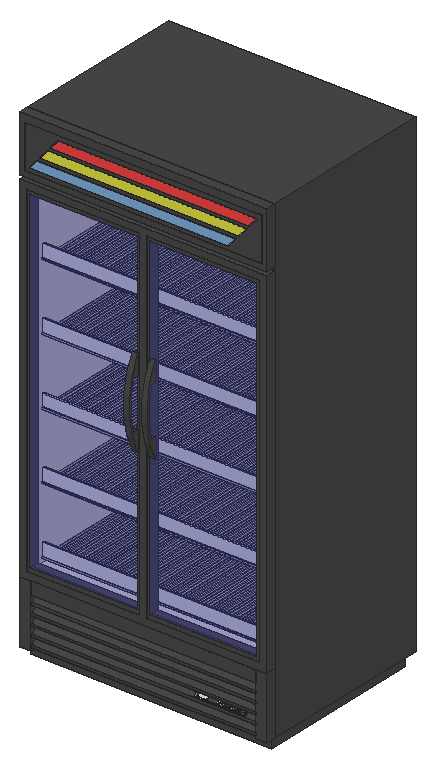
Revit family "QF_TRUE_GDM-35-HC~TSL01", category Specialty Equipment, Revit 2016 (continued)
Definition of nested family "GDM-35-HC~TSL01"
  Nested families (in)
    nested 1: "QF_LOGO_TRUE" at (27.73354, -29.69637, 4.31594), Show Logo <- "Show Logo", type "QF_LOGO_TRUE", detail levels medium+fine
      with Show Logo yes
  Definition of nested family "QF_LOGO_TRUE"
    Parameters (values of type "QF_LOGO_TRUE")
      Show Logo [instance] = yes
    Reference planes (in)
      plane 1 "Center (Front/Back)": y = 0
      plane 2: z = 0
      plane 3 "Center (Left/Right)": x = 0
    Forms (in)
      Extrusion 1, solid, visible <- "Show Logo"
        sketch origin (-78.34647, -4.42964, -46.04482) x (1, 0, 0) y (0, 0.81135, 0.584561)
          loop
            line (81.15226, 31.65456) -> (81.07353, 31.48573) -> (82.12083, 31.48573)
            arc (82.12083, 31.48573) -> (82.14208, 31.44814) -> (82.12083, 31.41055) r 0.04386
            line (82.12083, 31.41055) -> (81.84767, 30.82478)
            arc (81.84767, 30.82478) -> (81.84531, 30.77052) -> (81.882, 30.73048) r 0.07096
            line (81.882, 30.73048) -> (82.55165, 30.73048)
            arc (82.55165, 30.73048) -> (82.63621, 30.75714) -> (82.69019, 30.82748) r 0.14742
            line (82.69019, 30.82748) -> (82.90515, 31.28847) -> (83.10265, 31.28847)
            arc (83.10265, 31.28847) -> (83.15447, 31.26942) -> (83.14697, 31.21472) r 0.04405
            line (83.14697, 31.21472) -> (82.9671, 30.82899)
            arc (82.9671, 30.82899) -> (82.9699, 30.76493) -> (83.02398, 30.73048) r 0.06943
            line (83.02398, 30.73048) -> (83.6124, 30.73048)
            arc (83.6124, 30.73048) -> (83.65748, 30.74689) -> (83.68147, 30.78844) r 0.07014
            arc (83.68147, 30.78844) -> (83.69845, 30.74745) -> (83.73943, 30.73048) r 0.05796
            line (83.73943, 30.73048) -> (84.112, 30.73048)
            arc (84.112, 30.73048) -> (84.15504, 30.74201) -> (84.18655, 30.77352) r 0.08608
            arc (84.18655, 30.77352) -> (84.20164, 30.7371) -> (84.23806, 30.72202) r 0.0515
            line (84.23806, 30.72202) -> (84.76757, 30.72202)
            arc (84.76757, 30.72202) -> (84.81086, 30.73995) -> (84.8288, 30.78324) r 0.06122
            arc (84.8288, 30.78324) -> (84.86848, 30.74355) -> (84.92269, 30.72903) r 0.10842
            line (84.92269, 30.72903) -> (85.91461, 30.72903) -> (86.02479, 30.91987) -> (85.0243, 30.91987)
            arc (85.0243, 30.91987) -> (84.99669, 30.93902) -> (84.99566, 30.97261) r 0.03732
            line (84.99566, 30.97261) -> (85.01297, 31.00972)
            arc (85.01297, 31.00972) -> (85.03954, 31.04453) -> (85.0813, 31.05774) r 0.07263
            line (85.0813, 31.05774) -> (85.40289, 31.05774)
            arc (85.40289, 31.05774) -> (85.4723, 31.07633) -> (85.52311, 31.12715) r 0.13882
            line (85.52311, 31.12715) -> (85.61625, 31.28847)
            arc (85.61625, 31.28847) -> (85.61625, 31.37458) -> (85.54168, 31.41763) r 0.08611
            line (85.54168, 31.41763) -> (85.20227, 31.41763)
            arc (85.20227, 31.41763) -> (85.11574, 31.40294) -> (85.05538, 31.33923) r 0.13863
            line (85.05538, 31.33923) -> (84.89409, 30.99333)
            arc (84.89409, 30.99333) -> (84.84649, 30.9313) -> (84.77191, 30.90778) r 0.13002
            line (84.77191, 30.90778) -> (84.41984, 30.90778)
            arc (84.41984, 30.90778) -> (84.3777, 30.95378) -> (84.38042, 31.0161) r 0.08151
            line (84.38042, 31.0161) -> (84.56766, 31.41763) -> (84.44849, 31.41763) -> (84.25012, 30.99222)
            arc (84.25012, 30.99222) -> (84.21158, 30.94199) -> (84.15119, 30.92296) r 0.10527
            line (84.15119, 30.92296) -> (83.90842, 30.92296)
            arc (83.90842, 30.92296) -> (83.8674, 30.97642) -> (83.87619, 31.04323) r 0.08805
            line (83.87619, 31.04323) -> (84.05078, 31.41763) -> (83.92772, 31.41763) -> (83.72676, 30.98668)
            arc (83.72676, 30.98668) -> (83.68011, 30.94003) -> (83.61639, 30.92296) r 0.12745
            line (83.61639, 30.92296) -> (83.26484, 30.92296)
            arc (83.26484, 30.92296) -> (83.2017, 30.9524) -> (83.19563, 31.0218) r 0.06967
            line (83.19563, 31.0218) -> (83.31118, 31.26961) -> (83.47452, 31.26961)
            arc (83.47452, 31.26961) -> (83.50209, 31.35268) -> (83.56075, 31.41763) r 0.21289
            line (83.56075, 31.41763) -> (82.92244, 31.41763)
            arc (82.92244, 31.41763) -> (82.85151, 31.40191) -> (82.80242, 31.34834) r 0.12081
            line (82.80242, 31.34834) -> (82.6294, 30.9773)
            arc (82.6294, 30.9773) -> (82.58962, 30.93752) -> (82.53528, 30.92296) r 0.10869
            line (82.53528, 30.92296) -> (82.1542, 30.92296)
            arc (82.1542, 30.92296) -> (82.12446, 30.96315) -> (82.13012, 31.01283) r 0.06822
            line (82.13012, 31.01283) -> (82.38156, 31.48573) -> (83.01596, 31.48573) -> (83.09469, 31.65456) -> (82.46029, 31.65456) -> (82.53902, 31.8234) -> (82.31334, 31.8234) -> (82.23461, 31.65456) -> (81.15226, 31.65456)
          loop
            arc (85.15937, 31.26434) -> (85.13191, 31.25698) -> (85.1118, 31.23688) r 0.05494
            line (85.1118, 31.23688) -> (85.09547, 31.18665)
            arc (85.09547, 31.18665) -> (85.10304, 31.16837) -> (85.12133, 31.16079) r 0.02586
            line (85.12133, 31.16079) -> (85.39889, 31.16079)
            arc (85.39889, 31.16079) -> (85.41888, 31.16523) -> (85.43513, 31.1777) r 0.04731
            line (85.43513, 31.1777) -> (85.44863, 31.2402)
            arc (85.44863, 31.2402) -> (85.44466, 31.25693) -> (85.42914, 31.26434) r 0.01994
            line (85.42914, 31.26434) -> (85.15937, 31.26434)
          loop
            line (78.62961, 30.74125) -> (80.12032, 30.74125) -> (80.73891, 31.81268) -> (79.2482, 31.81268) -> (78.62961, 30.74125)
        from 34.76797 to 34.83173
      Extrusion 2, solid, visible <- "Show Logo"
        sketch origin (-142.84857, -6.74811, -47.69308) x (1, 0, 0) y (0, 0.81135, 0.584561)
          loop
            line (150.81107, 34.71978) -> (142.98607, 34.71978) -> (142.98607, 33.4921) -> (150.81107, 33.4921) -> (150.81107, 34.71978)
        from 34.75108 to 34.78125
      Extrusion 3, solid, visible <- "Show Logo"
        sketch origin (-142.84857, -6.74811, -47.69308) x (1, 0, 0) y (0, 0.81135, 0.584561)
          loop
            line (150.94857, 34.85727) -> (142.84857, 34.85727) -> (142.84857, 33.3546) -> (150.94857, 33.3546) -> (150.94857, 34.85727)
          loop
            line (142.98607, 34.71978) -> (142.98607, 33.4921) -> (150.81107, 33.4921) -> (150.81107, 34.71978) -> (142.98607, 34.71978)
        from 34.75108 to 34.81376
    Dimensions and locks (in)
      aligned and locked: level to plane 2
      aligned and locked: Extrusion 2 to Extrusion 3  (x2)
      aligned and locked: Extrusion 2 sketch curve to Extrusion 3
Definition of nested family "CASTER-LEGS"
  Parameters (values of type "CASTER-LEGS")
    Weight = ""
    URL Manufacturer = ""
    URL Cutsheet = ""
    URL = ""
    Type Mark [instance] = ""
    Status [instance] = ""
    Specification by User [instance] = ""
    Specification by Manufacturer = ""
    Show Siesmic Flanged [instance] = yes
    Show 6 Inches Legs [instance] = yes
    Show 4" Casters [instance] = yes
    Show 2.5 Casters [instance] = yes
    Serial Number = ""
    Seismic Rating = ""
    SMACNA No = ""
    Revision Code [instance] = ""
    Omniclass Number and Title = ""
    NAFEM Spec ID Number = ""
    Model = ""
    MasterSpec. = ""
    Manufacturer = ""
    Low Profile [instance] = yes
    Item Number [instance] = ""
    Installed By [instance] = ""
    Identify Quantity as Lot [instance] = yes
    Furnished By [instance] = ""
    Foodservice Equipment Identifier [instance] = yes
    Description = ""
    CSI MasterFormat = ""
    CSI Master Format = ""
    Assembly Code = ""
  Reference planes (in)
    plane 1: z = 0
    plane 2 "RIGHT": x = 0
    plane 3 "FRONT": y = 0
    plane 4 "TOP": z = 6
    plane 5: z = 2.125
    plane 6: z = 2.5
    plane 7: z = 6.25
  Forms (in)
    Revolve 1, solid, visible <- "Show 6 Inches Legs"
      sketch origin (11.12172, 0, 0) x (-1, 0, 0) y (0, 0, -1)
        loop
          line (11.12172, -6) -> (11.12172, 0) -> (10.62172, 0) -> (10.62172, -1.30261) -> (10.37172, -1.30261) -> (10.37172, -6) -> (11.12172, -6)
        axis (11.12172, 0) -> (11.12172, -6)
      angle from 0 to 360
    Extrusion 2, solid, visible <- "Show Siesmic Flanged"
      sketch origin (0, 0, 0) x (1, 0, 0) y (0, 1, 0)
        loop
          circle (-0.00825, 0) r 1
      from 0 to 0.125
    Revolve 3, solid, visible <- "Show Siesmic Flanged"
      sketch origin (11.12172, 0, 0) x (-1, 0, 0) y (0, 0, -1)
        loop
          line (11.12172, -6) -> (11.12172, -0.125) -> (10.62172, -0.125) -> (10.62172, -1.30261) -> (10.37172, -1.30261) -> (10.37172, -6) -> (11.12172, -6)
        axis (11.12172, -0.125) -> (11.12172, -6)
      angle from 0 to 360
  Dimensions and locks (in)
    plane 4 "TOP" to level = 6"  (x2)
    locked: Revolve 1 sketch curve to Revolve 1 sketch curve at 1.30261
    locked: Revolve 1 sketch curve to Revolve 1 sketch curve at 0.75
    plane 6 to plane 1 = 2 1/2"
    plane 5 to plane 1 = 2 1/8"
    plane 7 to plane 1 = 6 1/4"
    locked: Revolve 3 sketch curve to Revolve 3 sketch curve at 0.75
    aligned and locked: level to plane 1
  Nested families (in)
    nested 1: "C4" at (0, 0, 0), Show 4 Inches Casters <- "Show 4" Casters", visible <- "Show 4" Casters", type "C4"
      with Type Mark "", Specification by User "", Show 4 Inches Casters yes, Revision Code "", Item Number "", Installed By "", Identify Quantity as Lot yes, Furnished By "", Foodservice Equipment Identifier yes
    nested 2: "C2.5" at (0, -0.86941, 0), 2.5 Inches Caster <- "Show 2.5 Casters", visible <- "Show 2.5 Casters", type "C2.5"
      with Type Mark "", Status "", Specification by User "", Revision Code "", Item Number "", Installed By "", Identify Quantity as Lot yes, Furnished By "", Foodservice Equipment Identifier yes, 2.5 Inches Caster yes
  Definition of nested family "C4"
    Parameters
      Weight = ""
      URL Manufacturer = ""
      URL Cutsheet = ""
      URL = ""
      Type Mark [instance] = ""
      Specification by User [instance] = ""
      Specification by Manufacturer = ""
      Show 4 Inches Casters [instance] = yes
      Serial Number = ""
      Seismic Rating = ""
      SMACNA No = ""
      Revision Code [instance] = ""
      Omniclass Number and Title = ""
      NAFEM Spec ID Number = ""
      Model = ""
      MasterSpec. = ""
      Manufacturer = ""
      Item Number [instance] = ""
      Installed By [instance] = ""
      Identify Quantity as Lot [instance] = yes
      Furnished By [instance] = ""
      Foodservice Equipment Identifier [instance] = yes
      Description = ""
      CSI MasterFormat = ""
      CSI Master Format = ""
      Assembly Code = ""
    Reference planes (in)
      plane 1: z = 0
      plane 2 "RIGHT": x = 0
      plane 3 "FRONT": y = 0
      plane 4 "TOP": z = 4
    Forms (in)
      Revolve 1, solid, visible <- "Show 4 Inches Casters"
        sketch origin (-1.93794, 0.83816, -1.0041) x (1, 0, 0) y (0, 0, 1)
          loop
            line (0.74055, 2.5041) -> (3.15007, 2.5041) -> (3.15007, 2.5796) -> (3.10007, 2.6296) -> (3.04007, 2.6296) -> (3.04007, 2.74967) -> (2.62438, 2.74967) -> (2.62438, 2.93884) -> (2.48438, 3.01967) -> (2.45908, 3.17597) -> (2.51563, 3.17597) -> (2.51563, 3.41035) -> (2.48438, 3.41035) -> (2.48438, 4.0041) -> (1.375, 4.0041) -> (1.375, 3.41035) -> (1.34375, 3.41035) -> (1.34375, 3.17597) -> (1.4003, 3.17597) -> (1.37557, 3.02318) -> (1.235, 2.94202) -> (1.235, 2.74967) -> (0.85055, 2.74967) -> (0.85055, 2.6296) -> (0.79055, 2.6296) -> (0.74055, 2.5796) -> (0.74055, 2.5041)
          axis (0.74055, 2.5041) -> (3.15007, 2.5041)
        angle from 0 to 360
      Extrusion 2, solid, visible <- "Show 4 Inches Casters"
        sketch origin (-1.93794, 1.80294, -1.7541) x (0, 1, 0) y (0, 0, 1)
          loop
            line (-3.08794, 5.33423) -> (-3.08794, 5.00584) -> (-2.69466, 5.00584)
            arc (-2.69466, 5.00584) -> (-1.57175, 4.94895) -> (-0.46376, 4.75787) r 9.36411
            arc (-0.46376, 4.75787) -> (-0.05889, 4.58436) -> (0.28335, 4.30705) r 1.60049
            line (0.28335, 4.30705) -> (0.34449, 4.39437)
            arc (0.34449, 4.39437) -> (0.12713, 4.6163) -> (-0.1239, 4.79931) r 1.8753
            line (-0.1239, 4.79931) -> (-0.05749, 4.91421)
            arc (-0.05749, 4.91421) -> (-0.33807, 5.05694) -> (-0.64294, 5.13542) r 1.44292
            line (-0.64294, 5.13542) -> (-0.64294, 5.33423) -> (-3.08794, 5.33423)
        from 1.1267 to 2.74918
      Revolve 3, solid, visible <- "Show 4 Inches Casters"
        sketch origin (0, 2.15543, -2.25) x (0, 1, 0) y (0, 0, 1)
          loop
            line (-2.21793, 6.25) -> (-2.21793, 5.83014) -> (-1.05793, 5.83014) -> (-1.05793, 6.25) -> (-2.21793, 6.25)
          axis (-2.21793, 5.83014) -> (-2.21793, 6.25)
        angle from 0 to 360
      Extrusion 4, solid, visible <- "Show 4 Inches Casters"
        sketch origin (-1.93794, 1.80294, -1.7541) x (0, 1, 0) y (0, 0, 1)
          loop
            line (-3.08794, 5.33423) -> (-3.08794, 5.00584) -> (-2.8913, 5.00584)
            arc (-2.8913, 5.00584) -> (-2.09118, 4.14057) -> (-1.45681, 3.14736) r 6.63355
            arc (-1.45681, 3.14736) -> (-0.85703, 2.75969) -> (-0.4561, 3.35069) r 0.5107
            arc (-0.4561, 3.35069) -> (-0.27092, 3.92503) -> (0.24034, 4.24562) r 0.88136
            line (0.24034, 4.24562) -> (0.34449, 4.39437)
            arc (0.34449, 4.39437) -> (0.12713, 4.6163) -> (-0.1239, 4.79931) r 1.8753
            line (-0.1239, 4.79931) -> (-0.05749, 4.91421)
            arc (-0.05749, 4.91421) -> (-0.33807, 5.05694) -> (-0.64294, 5.13542) r 1.44292
            line (-0.64294, 5.13542) -> (-0.64294, 5.33423) -> (-3.08794, 5.33423)
        from 2.74918 to 2.90825
      Extrusion 5, solid, visible <- "Show 4 Inches Casters"
        sketch origin (1.93794, 1.80294, -1.7541) x (0, 1, 0) y (0, 0, -1)
          loop
            line (-3.08794, -5.33423) -> (-0.64294, -5.33423) -> (-0.64294, -5.13542)
            arc (-0.64294, -5.13542) -> (-0.33807, -5.05694) -> (-0.05749, -4.91421) r 1.44292
            line (-0.05749, -4.91421) -> (-0.1239, -4.79931)
            arc (-0.1239, -4.79931) -> (0.12713, -4.6163) -> (0.34449, -4.39437) r 1.8753
            line (0.34449, -4.39437) -> (0.24034, -4.24562)
            arc (0.24034, -4.24562) -> (-0.27092, -3.92503) -> (-0.4561, -3.35069) r 0.88136
            arc (-0.4561, -3.35069) -> (-0.85703, -2.75969) -> (-1.45681, -3.14736) r 0.5107
            arc (-1.45681, -3.14736) -> (-2.09118, -4.14057) -> (-2.8913, -5.00584) r 6.63355
            line (-2.8913, -5.00584) -> (-3.08794, -5.00584) -> (-3.08794, -5.33423)
        from 2.74918 to 2.90825
    Cuts and joins
      joined: Extrusion 2, Extrusion 4, Extrusion 5
    Lines and regions (in)
      symbolic lines, visible <- "Show 4 Inches Casters"
        curve 1: line (0.28481, 1.83041, 0) -> (1.24556, 1.27572, 0)
        curve 2: line (-1.26206, -0.84886, 0) -> (0.28481, 1.83041, 0)
        curve 3: line (-0.30132, -1.40355, 0) -> (-1.26206, -0.84886, 0)
        curve 4: line (1.24556, 1.27572, 0) -> (-0.30132, -1.40355, 0)
    Dimensions and locks (in)
      plane 4 "TOP" to level = 4"  (x2)
      aligned and locked: level to plane 1
  Definition of nested family "C2.5"
    Parameters
      Weight = ""
      URL Manufacturer = ""
      URL Cutsheet = ""
      URL = ""
      Type Mark [instance] = ""
      Status [instance] = ""
      Specification by User [instance] = ""
      Specification by Manufacturer = ""
      Serial Number = ""
      Seismic Rating = ""
      SMACNA No = ""
      Revision Code [instance] = ""
      Omniclass Number and Title = ""
      NAFEM Spec ID Number = ""
      Model = ""
      MasterSpec. = ""
      Manufacturer = ""
      Item Number [instance] = ""
      Installed By [instance] = ""
      Identify Quantity as Lot [instance] = yes
      Furnished By [instance] = ""
      Foodservice Equipment Identifier [instance] = yes
      Description = ""
      CSI MasterFormat = ""
      CSI Master Format = ""
      Assembly Code = ""
      2.5 Inches Caster [instance] = yes
    Reference planes (in)
      plane 1: z = 0
      plane 2 "RIGHT": x = 0
      plane 3 "FRONT": y = 0
      plane 4 "TOP": z = 2.5
    Forms (in)
      Revolve 1, solid, visible <- "2.5 Inches Caster"
        sketch origin (-1.93794, 0.83816, -1.0041) x (1, 0, 0) y (0, 0, 1)
          loop
            line (0.74055, 1.92597) -> (0.74055, 1.85047) -> (0.79055, 1.80047) -> (0.85055, 1.80047) -> (0.85055, 1.6804) -> (1.235, 1.6804) -> (1.235, 1.61305) -> (1.38673, 1.52545) -> (1.4003, 1.4416) -> (1.34375, 1.4416) -> (1.34375, 1.3166) -> (1.375, 1.3166) -> (1.375, 1.0041) -> (2.48438, 1.0041) -> (2.48438, 1.3166) -> (2.51563, 1.3166) -> (2.51563, 1.4416) -> (2.45908, 1.4416) -> (2.47322, 1.52897) -> (2.62438, 1.61624) -> (2.62438, 1.6804) -> (3.04007, 1.6804) -> (3.04007, 1.80047) -> (3.10007, 1.80047) -> (3.15007, 1.85047) -> (3.15007, 1.92597) -> (0.74055, 1.92597)
          axis (0.74055, 1.92597) -> (3.15007, 1.92597)
        angle from 0 to 360
      Extrusion 2, solid, visible <- "2.5 Inches Caster"
        sketch origin (-1.93794, 1.80294, -3.2541) x (0, 1, 0) y (0, 0, 1)
          loop
            line (-0.64294, 5.43229) -> (-0.64294, 5.55298) -> (-2.21294, 5.55298) -> (-2.21294, 5.30272) -> (-1.81966, 5.30272)
            arc (-1.81966, 5.30272) -> (-1.13638, 5.20789) -> (-0.46376, 5.05475) r 8.02767
            arc (-0.46376, 5.05475) -> (-0.19511, 4.95469) -> (0.05138, 4.80832) r 1.60049
            line (0.05138, 4.80832) -> (0.12713, 4.91318)
            arc (0.12713, 4.91318) -> (-0.07255, 5.06376) -> (-0.29048, 5.18644) r 1.8753
            line (-0.29048, 5.18644) -> (-0.22239, 5.30423)
            arc (-0.22239, 5.30423) -> (-0.42776, 5.38437) -> (-0.64294, 5.43229) r 1.44292
        from 1.17357 to 2.70231
      Revolve 3, solid, visible <- "2.5 Inches Caster"
        sketch origin (0, 2.10856, -3.75) x (0, 1, 0) y (0, 0, 1)
          loop
            line (-1.73858, 6.25) -> (-1.73858, 6.04889) -> (-1.05793, 6.04889) -> (-1.05793, 6.25) -> (-1.73858, 6.25)
          axis (-1.73858, 6.04889) -> (-1.73858, 6.25)
        angle from 0 to 360
      Extrusion 4, solid, visible <- "2.5 Inches Caster"
        sketch origin (-1.98481, 1.80294, -1.7541) x (0, 1, 0) y (0, 0, 1)
          loop
            line (-2.21294, 4.05298) -> (-2.21294, 3.80272) -> (-2.13999, 3.80272)
            arc (-2.13999, 3.80272) -> (-1.62379, 3.51899) -> (-1.39241, 2.97729) r 0.90292
            arc (-1.39241, 2.97729) -> (-1.36136, 2.78161) -> (-1.29729, 2.59413) r 1.15385
            arc (-1.29729, 2.59413) -> (-0.94802, 2.37355) -> (-0.6121, 2.61396) r 0.37001
            arc (-0.6121, 2.61396) -> (-0.59625, 2.66241) -> (-0.58446, 2.712) r 0.61695
            arc (-0.58446, 2.712) -> (-0.36134, 3.11665) -> (0.05609, 3.31484) r 0.75313
            line (0.05609, 3.31484) -> (0.12713, 3.41318)
            arc (0.12713, 3.41318) -> (-0.07255, 3.56376) -> (-0.29048, 3.68644) r 1.8753
            line (-0.29048, 3.68644) -> (-0.22239, 3.80423)
            arc (-0.22239, 3.80423) -> (-0.42776, 3.88437) -> (-0.64294, 3.93229) r 1.44292
            line (-0.64294, 3.93229) -> (-0.64294, 4.05298) -> (-2.21294, 4.05298)
        from 2.74918 to 2.90825
      Extrusion 5, solid, visible <- "2.5 Inches Caster"
        sketch origin (1.98481, 1.80294, -1.7541) x (0, 1, 0) y (0, 0, -1)
          loop
            line (-2.21294, -4.05298) -> (-0.64294, -4.05298) -> (-0.64294, -3.93229)
            arc (-0.64294, -3.93229) -> (-0.42776, -3.88437) -> (-0.22239, -3.80423) r 1.44292
            line (-0.22239, -3.80423) -> (-0.29048, -3.68644)
            arc (-0.29048, -3.68644) -> (-0.07255, -3.56376) -> (0.12713, -3.41318) r 1.8753
            line (0.12713, -3.41318) -> (0.05609, -3.31484)
            arc (0.05609, -3.31484) -> (-0.36134, -3.11665) -> (-0.58446, -2.712) r 0.75313
            arc (-0.58446, -2.712) -> (-0.59625, -2.66241) -> (-0.6121, -2.61396) r 0.61695
            arc (-0.6121, -2.61396) -> (-0.94802, -2.37355) -> (-1.29729, -2.59413) r 0.37001
            arc (-1.29729, -2.59413) -> (-1.36136, -2.78161) -> (-1.39241, -2.97729) r 1.15385
            arc (-1.39241, -2.97729) -> (-1.62379, -3.51899) -> (-2.13999, -3.80272) r 0.90292
            line (-2.13999, -3.80272) -> (-2.21294, -3.80272) -> (-2.21294, -4.05298)
        from 2.74918 to 2.90825
    Lines and regions (in)
      symbolic lines, visible <- "2.5 Inches Caster"
        curve 1: line (0.10651, 1.96132, 0) -> (0.80944, 1.55548, 0)
        curve 2: line (-0.89349, 0.22927, 0) -> (0.10651, 1.96132, 0)
        curve 3: line (-0.19056, -0.17657, 0) -> (-0.89349, 0.22927, 0)
        curve 4: line (0.80944, 1.55548, 0) -> (-0.19056, -0.17657, 0)
    Dimensions and locks (in)
      plane 4 "TOP" to level = 2 1/2"  (x2)
      aligned and locked: level to plane 1
